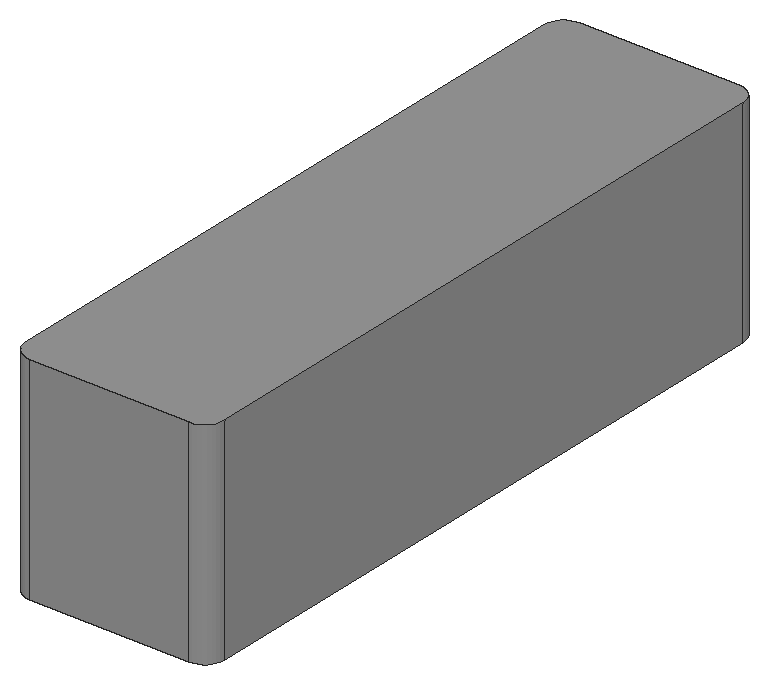
Revit family "AlarmsWirelessWaterLeakSensor", category Security Devices, host Face, Revit 2019
Family settings
  Host = Face
  Maintain Annotation Orientation = Yes
  Round Connector Dimension = Use Diameter
  Part Type = Normal
  Cut with Voids When Loaded = No
  Shared = No
  Room Calculation Point = Yes
Parameters (values of type "BR35")
  URL = "https://www.verkada.com/alarms/wireless-intrusion-detection/"
  Type Image = BR35.png
  Model = "BR35"
  Manufacturer = "VERKADA"  # constant formula
  Description = "WIRELESS WATER LEAK SENSOR"
  Default Elevation = 42.0"
Reference planes (in)
  plane 1 "Center (Front/Back)": y = 0
  plane 2: z = 0
  plane 3 "Center (Left/Right)": x = 0
Forms (in)
  Extrusion 1, solid, material "Verkada Black"
    sketch origin (-0.53461, 0, 0) x (1, 0, 0) y (0, 1, 0)
      loop
        arc (0.13461, 1.73) -> (0.0639, 1.70071) -> (0.03461, 1.63) r 0.1
        line (0.03461, 1.63) -> (0.03461, -1.63)
        arc (0.03461, -1.63) -> (0.0639, -1.70071) -> (0.13461, -1.73) r 0.1
        line (0.13461, -1.73) -> (0.93461, -1.73)
        arc (0.93461, -1.73) -> (1.00532, -1.70071) -> (1.03461, -1.63) r 0.1
        line (1.03461, -1.63) -> (1.03461, 1.63)
        arc (1.03461, 1.63) -> (1.00532, 1.70071) -> (0.93461, 1.73) r 0.1
        line (0.93461, 1.73) -> (0.13461, 1.73)
    from 0 to 1.08
Dimensions and locks (in)
  Extrusion 1 sketch curve to Extrusion 1 sketch curve = 3.46"
  aligned and locked: plane 2 to host face
  aligned and locked: level to host face
Nested families (in)
  nested 1: "PlanSymbol_WaterLeakSensor" at (0, 0, 0), type "Standard"
Connectors (in)
  electrical at (0, 0, 0)
    settings: index 2, voltage 0 V, apparent load 0 VA, apparent load phase1 0 VA, apparent load phase2 0 VA, apparent load phase3 0 VA, power factor 1, load classification "Other", number of poles 1, system type 10, power factor state 1, is connector primary yes, connector utility no, sub classification motor no, connector description ""
Definition of nested family "PlanSymbol_WaterLeakSensor"
  Reference planes (in)
    plane 1: y = 0
    plane 2: x = 0
  Lines and regions (in)
    detail lines
      curve 1: circle (0, 0, 0) r 0.08943 normal (0, 0, 1)
  Text (in)
    text "L" at (-0.03582, 0.07699, 0)
